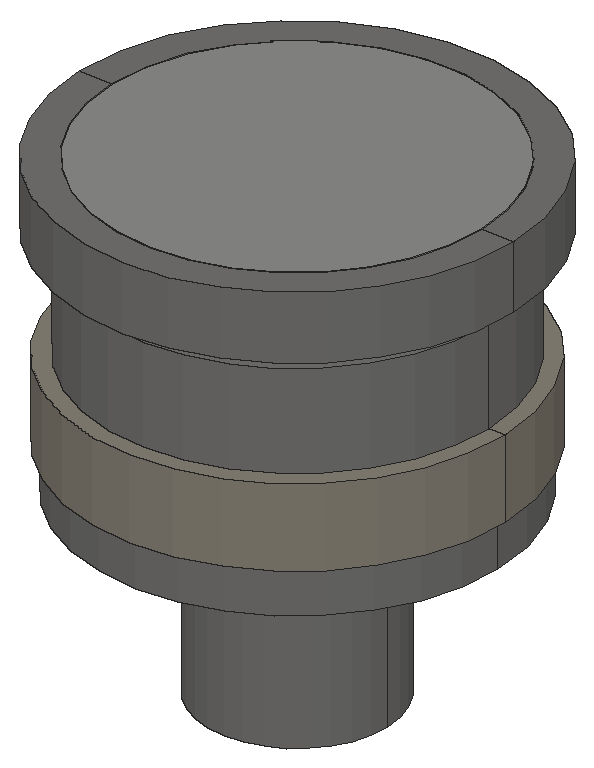
Revit family "Cleanout-Josam-Kleenatron-55000-Series", category Plumbing Fixtures, Revit 2012
Parameters (values of type "2In Diameter")
  X = 0' - 2 7/8"
  URL = "http://www.josam.com/catalog/JOS/pl=CO/55000"
  Top Cleanout = Metal - Josam - Plate - Mesh
  Product Type = "Round Top"  # constant formula
  Product Page URL = "http://www.josam.com/catalog/line/CO"
  Product Line = "Josam"  # constant formula
  Pipe Size Radius = Pipe Size Diameter / 2  # 0' - 1"
  Pipe Size Diameter = 0' - 2"
  Outer Cleanout Body = Metal - Josam - Anodized- Dark Bronze Satin
  Model = "55000"  # constant formula
  Manufacturer Toll Free Phone = "800-365-6726"  # constant formula
  Manufacturer Phone = "800-365-6726"  # constant formula
  Manufacturer Fax = "800-627-0008"  # constant formula
  Manufacturer Email = "custserv@josam.com"
  Manufacturer Address = "525 W. US Hwy 20, Michigan City, IN 46360"  # constant formula
  Manufacturer = "Josam Company"  # constant formula
  Inner Cleanout body = Metal - Josam - Brass - Satin
  Description = "Cleanout - round"  # constant formula
  Default Elevation = 4' - 0"
  D Radius = D Diameter / 2  # 0' - 2 25/32"
  D Diameter = 0' - 5 9/16"
  Subcategory = "Cleanout"  # constant formula
  Assembly Code = ""
  A Diameter = 0' - 6"  # constant formula
  95 CSI = ""
  04 CSI = "22 40 00"  # constant formula
Types (3): name | X | Pipe Size Radius | Pipe Size Diameter
  2In Diameter | 0' - 2 7/8" | 0' - 1" | 0' - 2"
  3In Diameter | 0' - 2 3/4" | 0' - 1 1/2" | 0' - 3"
  4In Diameter | 0' - 2 3/4" | 0' - 2" | 0' - 4"
Reference planes (in)
  plane 1 "Center (Front/Back)": y = 0
  plane 2: z = 0
  plane 3 "Center (Left/Right)": x = 0.28125
  plane 4: x = 3.28125
  plane 5: x = -2.71875
  plane 6: z = -6.625
  plane 7: x = 3.0625
  plane 8: z = -2.875
Dimensions and locks (in)
  equal spacing: plane 5, plane 3 "Center (Left/Right)", plane 4
  "A Diameter": plane 4 to plane 5
  "D Radius": plane 7 to plane 3 "Center (Left/Right)"
  "X": plane 2 to plane 8
  locked: plane 8 to plane 6 at 3.75
  aligned and locked: level to plane 2
  aligned and locked: plane 1 "Center (Front/Back)" to nested 1
  aligned and locked: plane 3 "Center (Left/Right)" to nested 1
  aligned and locked: plane 2 to nested 1
Nested families (in)
  nested 1: "55000" at (0, 0, 0), type "55000"
Connectors (in)
  piping at (0.28125, 0, -6.625), driven by "Pipe Size Radius"
    settings: on nested 1, index 1, connector radius 1", flow factor 0, pipe flow 0 GPM, pressure drop 0.00 psi, fitting loss kfactor 0, connector angle 0.00°, fixture units 0, engagement length 0' - 0", flow configuration 0, flow direction 0, fitting loss method 0, system type 16, joint type 0, gender type 0, connector reference index -1, connector utility 0, adjustable connector no, is connector primary yes, fitting loss table "", connector description ""
Definition of nested family "55000"
  Parameters (values of type "55000")
    X = 0' - 2 7/8"
    URL = "http://www.josam.com/"
    Top Cleanout = Metal - Josam - Plate - Mesh
    Pipe Size Radius = Pipe Size Diameter / 2  # 0' - 1"
    Pipe Size Diameter = 0' - 2"
    Outer Cleanout Body = Metal - Josam - Anodized- Dark Bronze Satin
    Model = "55000"  # constant formula
    Manufacturer = "Josam, LLC"  # constant formula
    Inner Cleanout body = Metal - Josam - Brass - Satin
    Description = "55000 Kleenatron II Cleanout"  # constant formula
    Default Elevation = 4' - 0"
    D Radius = D Diameter / 2  # 0' - 2 25/32"
    D Diameter = 0' - 5 9/16"
    B = 0' - 3 3/4"
    Assembly Code = "D2030300"
    A Diameter = 0' - 6"
  Reference planes (in)
    plane 1 "Center (Front/Back)": y = 0
    plane 2: z = 0
    plane 3 "Center (Left/Right)": x = 0.28125
    plane 4: x = 3.28125
    plane 5: x = -2.71875
    plane 6: z = -2.875
    plane 7: z = -6.625
    plane 8: x = 3.0625
  Forms (in)
    Revolve 1, solid, material "Metal - Josam - Anodized- Dark Bronze Satin" <- "Outer Cleanout Body", detail levels fine
      sketch origin (0, 0, 0) x (1, 0, 0) y (0, 0, 1)
        loop
          line (-2.71875, 0) -> (-2.71875, -0.875) -> (0.28125, -0.875) -> (0.28125, -0.60095) -> (-2.27412, -0.60095) -> (-2.27412, 0) -> (-2.71875, 0)
        axis (0.28125, 0) -> (0.28125, -0.875)
      angle from 0 to 360
    Revolve 2, solid, material "Metal - Josam - Brass - Satin" <- "Inner Cleanout body", detail levels fine
      sketch origin (0, 0, 0) x (1, 0, 0) y (0, 0, 1)
        loop
          line (-1.9249, -3.20983) -> (-1.9249, -0.875) -> (-2.23454, -0.875) -> (-2.23454, -3.20983) -> (-1.9249, -3.20983)
        axis (0.28125, -3.20983) -> (0.28125, -0.875)
      angle from 0 to 360
    Revolve 3, solid, material "Metal - Josam - Brass - Satin" <- "Inner Cleanout body", detail levels fine
      sketch origin (0, 0, 0) x (1, 0, 0) y (0, 0, 1)
        loop
          line (-2.25, -3.51366) -> (-2.25, -2.43453) -> (-2.59893, -2.43453) -> (-2.59893, -3.51366) -> (-2.25, -3.51366)
        axis (0.28125, -2.43453) -> (0.28125, -3.51366)
      angle from 0 to 360
    Revolve 4, solid, material "Metal - Josam - Anodized- Dark Bronze Satin" <- "Outer Cleanout Body", detail levels fine
      sketch origin (0, 0, 0) x (1, 0, 0) y (0, 0, 1)
        loop
          line (3.0625, -3.51366) -> (2.8125, -3.51366) -> (2.8125, -4.02162) -> (1.28125, -4.55287) -> (1.28125, -6.625) -> (1.53125, -6.625) -> (1.53125, -4.65642) -> (3.0625, -4.12517) -> (3.0625, -3.51366)
        axis (0.28125, -6.625) -> (0.28125, -3.51366)
      angle from 0 to 360
    Revolve 5, solid, material "Metal - Josam - Anodized- Dark Bronze Satin" <- "Outer Cleanout Body", detail levels fine
      sketch origin (0, 0, 0) x (1, 0, 0) y (0, 0, 1)
        loop
          line (-2.37156, -2.43453) -> (-2.23277, -2.43453) -> (-2.23277, -1.13765) -> (-2.37156, -1.13765) -> (-2.37156, -2.43453)
        axis (0.28125, -1.13765) -> (0.28125, -2.43453)
      angle from 0 to 360
    Extrusion 6, solid, material "Metal - Josam - Plate - Mesh" <- "Top Cleanout", detail levels fine
      sketch origin (0.28125, 0, -0.60095) x (0, 1, 0) y (-1, 0, 0)
        loop
          circle (0, 0) r 2.55537
      from -0.27405 to 0.60095
  Lines and regions (in)
    Masking region 1, detail levels fine
      outline origin (-6.19082, -180, 0.125) x (-1, 0, 0) y (0, -1, 0)
        loop
          circle (-6.47207, -180) r 3.06877
    model lines, detail levels coarse+medium
      curve 1: line (0.28125, 0, -6.625) -> (0.28125, 0, 0)
      curve 2: line (-2.71875, 0, 0) -> (3.28125, 0, 0)
      curve 3: line (-0.71875, 0, -6.625) -> (1.28125, 0, -6.625)
    symbolic lines, detail levels fine
      curve 4: circle (0.28125, 0, 0) r 2.55537 normal (0, 0, 1)
  Dimensions and locks (in)
    equal spacing: plane 5, plane 3 "Center (Left/Right)", plane 4
    "A Diameter": plane 4 to plane 5
    locked: Revolve 1 to Revolve 2 sketch curve at 2.33483
    locked: plane 5 to Revolve 1 sketch curve at 0.44463
    locked: Revolve 1 sketch curve to Revolve 1 sketch curve at 0.27405
    locked: plane 6 to plane 7 at 3.75
    "D Radius": plane 8 to plane 3 "Center (Left/Right)"
    locked: plane 8 to Revolve 4 sketch curve at 0.25
    locked: Revolve 4 sketch curve to Revolve 4 sketch curve at 0.25
    "Pipe Size Radius": Revolve 4 sketch curve to plane 3 "Center (Left/Right)"
    equal spacing: curve 3, plane 3 "Center (Left/Right)", curve 3
    "Pipe Size Diameter": curve 3 to curve 3
    "X": plane 2 to plane 6
    aligned and locked: level to plane 2
    aligned and locked: Revolve 1 to Revolve 2 sketch curve
    aligned and locked: plane 3 "Center (Left/Right)" to Revolve 2 sketch curve
    aligned and locked: plane 5 to Revolve 1 sketch curve
    aligned and locked: plane 3 "Center (Left/Right)" to Revolve 1 sketch curve
    aligned and locked: Revolve 3 sketch curve to plane 3 "Center (Left/Right)"
    aligned and locked: plane 3 "Center (Left/Right)" to Revolve 4 sketch curve
    aligned and locked: Revolve 4 sketch curve to plane 7
    aligned and locked: Revolve 5 sketch curve to plane 3 "Center (Left/Right)"
    aligned and locked: Extrusion 6 sketch curve to Revolve 1
    aligned and locked: Revolve 1 to Extrusion 6
    aligned and locked: Revolve 4 sketch curve to Revolve 3
    aligned and locked: plane 3 "Center (Left/Right)" to curve 1
    aligned and locked: plane 4 to curve 2
    aligned and locked: plane 5 to curve 2
    aligned and locked: plane 7 to curve 1
    aligned and locked: curve 3 to plane 7
  Automatic sketch dimensions
    Revolve 1 sketch curve to plane 3 "Center (Left/Right)" = 0' - 0"
    Revolve 1 sketch curve to Revolve 1 sketch curve = 0' - 0.0819"
    Revolve 1 sketch curve to Revolve 1 sketch curve = 0' - 0"
    Revolve 2 sketch curve to plane 5 = 0' - 0.79386"
    Revolve 2 sketch curve to Revolve 2 sketch curve = 0' - 0.30965"
    plane 6 to Revolve 2 sketch curve = 0' - 0.54017"
    Revolve 2 sketch curve to Revolve 2 sketch curve = 0' - 0 3/4"
    plane 7 to Revolve 4 sketch curve = 0' - 1.11134"
    Revolve 4 sketch curve to Revolve 4 sketch curve = 0' - 0.10355"  (x2)
    Revolve 4 sketch curve to Revolve 4 sketch curve = 0' - 0 3/4"
    Revolve 4 sketch curve to plane 8 = 0' - 0"
    Revolve 4 sketch curve to Revolve 4 sketch curve = 0' - 0 17/32"
    Revolve 3 sketch curve to plane 5 = 0' - 0.11982"
    Revolve 3 sketch curve to Revolve 3 sketch curve = 0' - 0.34893"
    Revolve 3 sketch curve to plane 6 = 0' - 0.63866"
    plane 6 to Revolve 3 sketch curve = 0' - 0.44047"
    plane 6 to Revolve 3 sketch curve = 0' - 0.54017"
    Revolve 3 sketch curve to level = 0' - 1.12508"
    Revolve 4 sketch curve to Revolve 4 sketch curve = 0' - 0.10724"
    Revolve 5 sketch curve to plane 5 = 0' - 0.48598"
    Revolve 5 sketch curve to Revolve 5 sketch curve = 0' - 0.13879"
    plane 6 to Revolve 5 sketch curve = 0' - 0.44047"
    plane 6 to Revolve 5 sketch curve = 0' - 0.98735"
    Revolve 5 sketch curve to level = 0' - 1.13765"
    Revolve 5 sketch curve to level = 0' - 0.63765"
    plane 1 "Center (Front/Back)" to curve 4 = 0' - 0"
    curve 4 to plane 3 "Center (Left/Right)" = 0' - 0"
    curve 2 to level = 0' - 0"
    Revolve 1 sketch curve to level = 0' - 0"
    Revolve 1 sketch curve to level = 0' - 0.60095"
    plane 1 "Center (Front/Back)" to Masking region 1 sketch curve = 0' - 0"
    Masking region 1 sketch curve to plane 3 "Center (Left/Right)" = 0' - 0"
    radius of curve 4 = 0' - 2.55537"
    radius of Masking region 1 sketch curve = 0' - 3.06877"
